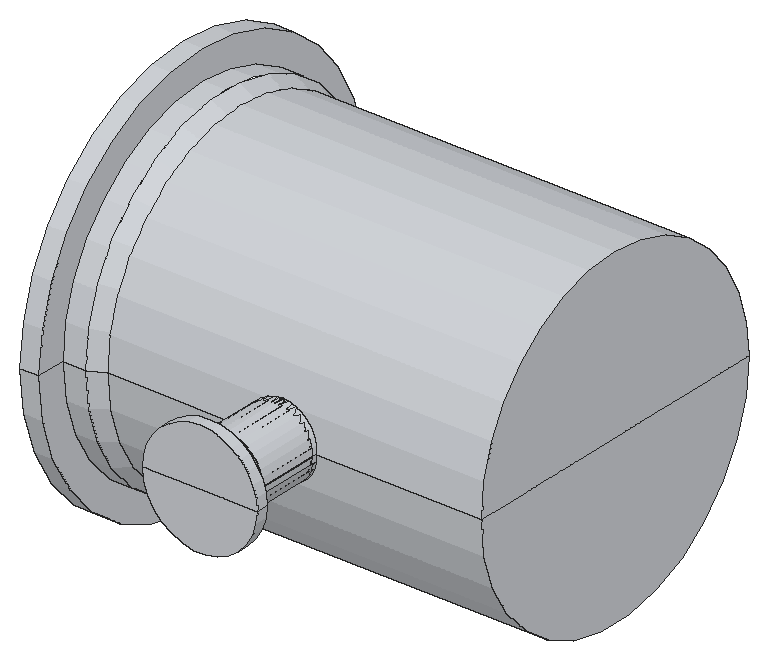
Revit family "b64532d9a0244ac589724a7e8e27e204", category Pipe Fittings, Revit 2021
Family settings
  Round Connector Dimension = Use Radius
  Part Type = Tee
  OmniClass Number = 23.60.30.11.14
  OmniClass Title = Pipework Fittings
  Seek Item ID = Tee - PVC - Sch 40-0000-USA-ENU
  Work Plane-Based = No
  Always vertical = Yes
  Cut with Voids When Loaded = No
  Shared = No
Parameters (values of type "Standard")
  Visibility 1 [instance] = Angle = 90.00°  # yes
  Tick Size 2 [instance] = Fitting Outside Diameter 2 * 0.4  # 2.7760"
  Tick Size 1 [instance] = Fitting Outside Diameter 1 * 0.4  # 12.8000"
  Socket Outside Radius 2 [instance] = Socket Outside Diameter 2 / 2  # 3.8050"
  Socket Outside Radius 1 [instance] = Socket Outside Diameter 1 / 2  # 16.7500"
  Socket Outside Diameter 1 [instance] = size_lookup(Lookup Table Name, "SOD", 1.08 * Nominal Diameter 1 + 1.1300", Nominal Diameter 1)  # 33.5000"
  Socket Outside Diameter 2 [instance] = size_lookup(Lookup Table Name, "SOD", 1.08 * Nominal Diameter 2 + 1.1300", Nominal Diameter 2)  # 7.6100"
  Socket Depth 2 [instance] = if(Nominal Diameter 2 < 14.0000", 2.5000", if(Nominal Diameter 2 < 30.0000", 3.5000", 4.0000"))  # 2.5000"
  Socket Depth 1 [instance] = if(Nominal Diameter 1 < 14.0000", 2.5000", if(Nominal Diameter 1 < 30.0000", 3.5000", 4.0000"))  # 4.0000"
  Nominal Radius 2 [instance] = 3.0000"
  Nominal Diameter 2 [instance] = Nominal Radius 2 * 2  # 6.0000"
  Lookup Table Name = "Tee Reducing - MJ x PE - DI - Class 250"
  Length 1 [instance] = Socket Depth 2 + Bevel Length 2  # 3.1700"
  Fitting Outside Radius 2 [instance] = Fitting Outside Diameter 2 / 2  # 3.4700"
  Fitting Outside Radius 1 [instance] = Fitting Outside Diameter 1 / 2  # 16.0000"
  Fitting Outside Diameter 2 [instance] = size_lookup(Lookup Table Name, "FOD", 1.04 * Nominal Diameter 2 + 0.7000", Nominal Diameter 2)  # 6.9400"
  Fitting Outside Diameter 1 [instance] = size_lookup(Lookup Table Name, "FOD", 1.04 * Nominal Diameter 1 + 0.7000", Nominal Diameter 1)  # 32.0000"
  Nominal Radius 1 [instance] = 15.0000"
  Nominal Diameter 1 [instance] = Nominal Radius 1 * 2  # 30.0000"
  Loss Method = K Coefficient from Table
  K Coefficient Table = "Tee"
  Default Elevation = 0.0000"
  Bevel Length 2 [instance] = size_lookup(Lookup Table Name, "BvLgt", 0.04 * Nominal Diameter 2 + 0.4300", Nominal Diameter 2)  # 0.6700"
  Bevel Length 1 [instance] = size_lookup(Lookup Table Name, "BvLgt", 0.04 * Nominal Diameter 1 + 0.4300", Nominal Diameter 1)  # 1.5000"
  Center to Socket Bottom 3 Label [instance] = if(Center Radius > Center to Socket Bottom 3, Center Radius + 7.0000", Center to Socket Bottom 3)  # 19.3700"
  Center to Socket Bottom 3 [instance] = size_lookup(Lookup Table Name, "CtSB3", 0.52 * Nominal Diameter 1 + 4.9600", Nominal Diameter 1, Nominal Diameter 2)  # 19.3700"
  Center to Socket Bottom 2 [instance] = size_lookup(Lookup Table Name, "CtSB2", 5.3800" + 0.57 * Nominal Diameter 1 + 0.04 * Nominal Diameter 2, Nominal Diameter 1, Nominal Diameter 2)  # 23.0000"
  Center to Socket Bottom 1 [instance] = size_lookup(Lookup Table Name, "CtSB1", 4.1700" + 0.34 * Nominal Diameter 1 + 0.31 * Nominal Diameter 2, Nominal Diameter 1, Nominal Diameter 2)  # 18.0000"
  Center to End 3 Label [instance] = if((Center to End 2 - Gland Width 2) * tan(Angle 1 / 2) > Gland Outside Radius 1, Center to Socket Bottom 3 Label, Gland Outside Radius 1 / tan(Angle 1 / 2) + Gland Width 2)  # 19.3700"
  Center to End 2 Label [instance] = if((Center to End 2 - Gland Width 2) * tan(Angle 1 / 2) > Gland Outside Radius 1, Center to End 2, Gland Outside Radius 1 / tan(Angle 1 / 2) + Gland Width 2)  # 25.5000"
  Center to End 2 [instance] = Center to Socket Bottom 2 + Socket Depth 2  # 25.5000"
  Center to End 1 Label [instance] = if((Center to End 2 - Gland Width 2) * tan(Angle 1 / 2) > Gland Outside Radius 1, Center to End 1, Gland Outside Radius 1 / tan(Angle 1 / 2) + Gland Width 2)  # 22.0000"
  Center to End 1 [instance] = Center to Socket Bottom 1 + Socket Depth 1  # 22.0000"
  Center Radius Label [instance] = if(Center to Socket Bottom 2 - Center Radius - Bevel Length 2 < 0.5000", Center to Socket Bottom 2 - Bevel Length 2 - 0.5000", Center Radius)  # 16.5000"
  Center Radius [instance] = size_lookup(Lookup Table Name, "CRad", 4.4800" + 0.3 * Nominal Diameter 1 + 0.33 * Nominal Diameter 2, Nominal Diameter 1, Nominal Diameter 2)  # 16.5000"
  Gland Width 2 [instance] = size_lookup(Lookup Table Name, "GWid", 0.03 * Nominal Diameter 2 + 0.9400", Nominal Diameter 2)  # 1.1200"
  Gland Width 1 [instance] = size_lookup(Lookup Table Name, "GWid", 0.03 * Nominal Diameter 1 + 0.9400", Nominal Diameter 1)  # 1.8100"
  Gland Outside Radius 2 [instance] = Gland Outside Diameter 2 / 2  # 5.4950"
  Gland Outside Radius 1 [instance] = Gland Outside Diameter 1 / 2  # 19.5600"
  Gland Outside Diameter 2 [instance] = size_lookup(Lookup Table Name, "GOD", 1.16 * Nominal Diameter 2 + 4.0300", Nominal Diameter 2)  # 10.9900"
  Gland Outside Diameter 1 [instance] = size_lookup(Lookup Table Name, "GOD", 1.16 * Nominal Diameter 1 + 4.0300", Nominal Diameter 1)  # 39.1200"
  Angle 1 [instance] = if(Angle > 90.00°, 180.00° - Angle, Angle)  # 90.00°
  Angle [instance] = 90.00°
Reference planes (in)
  plane 1 "Center (Front/Back)": y = 0
  plane 2: z = 0
  plane 3 "Center (Left/Right)": x = 0
  plane 4: y = -23
  plane 5: y = 19.56
  plane 6: y = 16.75
  plane 7: y = 16
  plane 8: x = -22
  plane 9: x = -20.19
  plane 10: x = -16.5
  plane 11: x = -18
  plane 12: x = 19.37
  plane 13: y = -22.33
  plane 14: y = -16.5
  plane 15: x = -16.5
  plane 16: x = 16.5
  plane 17: z = 3.47
  plane 18: z = -3.47
  plane 19: y = 12.8
  plane 20: y = -12.8
Forms (in)
  Revolve 1, solid, detail levels fine
    sketch origin (0, 0, 0) x (1, 0, 0) y (0, 1, 0)
      loop
        line (-22, 0) -> (19.37, 0) -> (19.37, 16) -> (-16.5, 16) -> (-18, 16.75) -> (-20.19, 16.75) -> (-20.19, 19.56) -> (-22, 19.56) -> (-22, 0)
      axis (-22, 0) -> (19.37, 0)
    angle from 0 to 360
  Sweep 2, solid, visible <- "Visibility 1", detail levels fine
    path origin (0, 0, 0) x (1, 0, 0) y (0, 1, 0)
      loop
        arc (-16.5, 0) -> (-4.83274, -4.83274) -> (0, -16.5) r 16.5
        line (0, -16.5) -> (0, -22.33)
    profile origin (0, -16.5, 0) x (1, 0, 0) y (0, 0, 1)
      loop
        circle (0, 0) r 3.47
  Sweep 3, solid, visible <- "Visibility 1", detail levels fine
    path origin (0, 0, 0) x (-1, 0, 0) y (0, 1, 0)
      loop
        arc (-16.5, 0) -> (-4.83274, -4.83274) -> (0, -16.5) r 16.5
        line (0, -16.5) -> (0, -22.33)
    profile origin (0, -16.5, 0) x (1, 0, 0) y (0, 0, 1)
      loop
        circle (0, 0) r 3.47
  Extrusion 4, solid, visible <- "Visibility 1", detail levels fine
    sketch origin (0, 0, 0) x (1, 0, 0) y (0, 1, 0)
      loop
        arc (-16.5, 0) -> (-4.83274, -4.83274) -> (0, -16.5) r 16.5
        arc (0, -16.5) -> (4.83274, -4.83274) -> (16.5, 0) r 16.5
        line (16.5, 0) -> (-16.5, 0)
    from -3.47 to 3.47
  Revolve 5, solid, detail levels fine
    sketch origin (0, 0, 0) x (0, -1, 0) y (1, 0, 0)
      loop
        line (25.5, 0) -> (0, 0) -> (0, -3.47) -> (22.33, -3.47) -> (23, -3.805) -> (24.38, -3.805) -> (24.38, -5.495) -> (25.5, -5.495) -> (25.5, 0)
      axis (0, 0) -> (25.5, 0)
    angle from 0 to 360
Cuts and joins
  joined: Revolve 1, Revolve 5
Lines and regions (in)
  model lines, detail levels coarse+medium
    curve 1: line (-22, 12.8, 0) -> (-22, -12.8, 0)
    curve 2: line (19.37, 12.8, 0) -> (19.37, -12.8, 0)
    curve 5: line (-2.776, -25.5, 0) -> (2.776, -25.5, 0)
  model lines, style "PipeFitting", detail levels coarse+medium
    curve 3: line (-22, 0, 0) -> (19.37, 0, 0)
    curve 6: line (0, 0, 0) -> (0, -25.5, 0)
  reference lines, not visible
    curve 4: line (0, 0, 0) -> (0, -25.5, 0)
Dimensions and locks (in)
  "Center to Socket Bottom 2": plane 4 to plane 1 "Center (Front/Back)"
  "Fitting Outside Radius 1": plane 7 to plane 1 "Center (Front/Back)"
  "Socket Outside Radius 1": plane 6 to plane 1 "Center (Front/Back)"
  "Gland Outside Radius 1": plane 5 to plane 1 "Center (Front/Back)"
  "Gland Width 1": plane 8 to plane 9
  "Socket Depth 1": plane 8 to plane 11
  "Bevel Length 1": plane 11 to plane 10
  "Bevel Length 2": plane 13 to plane 4
  "Center Radius Label": plane 1 "Center (Front/Back)" to plane 14
  "Center Radius Label": plane 15 to plane 3 "Center (Left/Right)"
  "Center Radius Label": plane 3 "Center (Left/Right)" to plane 16
  "Fitting Outside Radius 2": plane 17 to plane 2
  "Fitting Outside Radius 2": plane 18 to level
  "Tick Size 1": plane 1 "Center (Front/Back)" to plane 20
  "Tick Size 1": plane 19 to plane 1 "Center (Front/Back)"
  "Center to End 3 Label": plane 3 "Center (Left/Right)" to plane 12
  "Center to End 1 Label": plane 8 to plane 3 "Center (Left/Right)"
  "Center to End 2 Label": curve 4 to curve 4
  "Center to End 2 Label": Revolve 5 sketch curve to Revolve 5 sketch curve
  "Fitting Outside Radius 2": Revolve 5 sketch curve to Revolve 5 sketch curve
  "Gland Width 2": Revolve 5 sketch curve to Revolve 5 sketch curve
  "Socket Depth 2": Revolve 5 sketch curve to Revolve 5 sketch curve
  "Gland Outside Radius 2": Revolve 5 sketch curve to Revolve 5 sketch curve
  "Socket Outside Radius 2": Revolve 5 sketch curve to Revolve 5 sketch curve
  "Length 1": Revolve 5 sketch curve to Revolve 5 sketch curve
  "Tick Size 2": curve 5 to curve 4
  "Tick Size 2": curve 4 to curve 5
  "Center to End 2 Label": curve 6 to curve 6
  "Center Radius Label": radius of Sweep 2 sketch curve
  "Fitting Outside Radius 2": radius of Sweep 2 sketch curve
  "Center Radius Label": radius of Sweep 3 sketch curve
  "Fitting Outside Radius 2": radius of Sweep 3 sketch curve
  "Center Radius Label": radius of Extrusion 4 sketch curve  (x2)
  "Angle": angle curve 4 to plane 1 "Center (Front/Back)"
  "Angle": angle Revolve 5 sketch curve to plane 1 "Center (Front/Back)"
  locked: curve 4 to curve 5 (angle 90.00°)
  "Angle": angle curve 6 to plane 1 "Center (Front/Back)"
  aligned and locked: plane 1 "Center (Front/Back)" to Revolve 1 sketch curve
  aligned and locked: plane 8 to Revolve 1 sketch curve
  aligned and locked: Revolve 1 sketch curve to plane 5
  aligned and locked: Revolve 1 sketch curve to plane 7
  aligned and locked: Revolve 1 sketch curve to plane 6
  aligned and locked: plane 12 to Revolve 1 sketch curve
  aligned and locked: Revolve 1 sketch curve to plane 9
  aligned and locked: Revolve 1 sketch curve to Revolve 1 sketch curve
  aligned and locked: plane 11 to Revolve 1 sketch curve
  aligned and locked: plane 10 to Revolve 1 sketch curve
  aligned and locked: plane 14 to Sweep 2 sketch curve
  aligned and locked: plane 15 to Sweep 2 sketch curve
  aligned and locked: plane 16 to Sweep 3 sketch curve
  aligned and locked: plane 14 to Sweep 3 sketch curve
  aligned and locked: plane 15 to Extrusion 4 sketch curve  (x2)
  aligned and locked: plane 14 to Extrusion 4 sketch curve  (x3)
  aligned and locked: plane 16 to Extrusion 4 sketch curve  (x3)
  aligned and locked: plane 1 "Center (Front/Back)" to Extrusion 4 sketch curve  (x2)
  aligned and locked: plane 18 to Extrusion 4
  aligned and locked: plane 17 to Extrusion 4
  aligned and locked: plane 20 to curve 2
  aligned and locked: plane 19 to curve 2
  aligned and locked: plane 12 to curve 2
  aligned and locked: plane 20 to curve 1
  aligned and locked: plane 19 to curve 1
  aligned and locked: curve 1 to plane 8
  aligned and locked: plane 1 "Center (Front/Back)" to curve 3
  aligned and locked: plane 8 to curve 3
  aligned and locked: plane 12 to curve 3
  aligned and locked: plane 3 "Center (Left/Right)" to curve 4
  aligned and locked: plane 1 "Center (Front/Back)" to curve 4
  aligned and locked: plane 3 "Center (Left/Right)" to Revolve 5 sketch curve
  aligned and locked: plane 1 "Center (Front/Back)" to Revolve 5 sketch curve
  aligned and locked: Revolve 5 sketch curve to Revolve 5 sketch curve  (x3)
  aligned and locked: plane 13 to Sweep 2 sketch curve
  aligned and locked: plane 13 to Sweep 3 sketch curve
  aligned and locked: curve 5 to curve 4
  aligned and locked: plane 3 "Center (Left/Right)" to curve 6
Automatic sketch dimensions
  Revolve 1 sketch curve to plane 8 = 1.01143"
  Revolve 1 sketch curve to plane 12 = 1.76143"
  Sweep 2 sketch curve to level = 0.0000"
  profile plane to Sweep 2 sketch curve = 0.0000"
  Sweep 3 sketch curve to level = 0.0000"
  profile plane to Sweep 3 sketch curve = 0.0000"
  Extrusion 4 sketch curve to plane 15 = 0.0000"
Connectors (in)
  piping at (-22, 0, 0), diameter 30, driven by "Nominal Radius 1"
    settings: on Revolve 1, index 1, connector inside diameter 30.0000", connector length 0.0000", flow factor 0, pipe flow 0 GPM, pressure drop 0.00 psi, fitting loss kfactor 0, connector angle 0.00°, fixture units 0, engagement length 0.0000", angle of deflection 0.00°, flow configuration 0, flow direction 0, fitting loss method 0, system type 28, joint type 0, gender type 0, connector reference index 2, connector utility 0, adjustable connector no, is connector primary yes, connector description ""
  piping at (19.37, 0, 0), diameter 30, driven by "Nominal Radius 1"
    settings: on cut or joined group of Revolve 1, Revolve 5, index 2, connector inside diameter 30.0000", connector length 0.0000", flow factor 0, pipe flow 0 GPM, pressure drop 0.00 psi, fitting loss kfactor 0, connector angle 0.00°, fixture units 0, engagement length 0.0000", angle of deflection 0.00°, flow configuration 0, flow direction 0, fitting loss method 0, system type 28, joint type 0, gender type 0, connector reference index 1, connector utility 0, adjustable connector no, is connector primary no, connector description ""
  piping at (0, -25.5, 0), diameter 6, driven by "Nominal Radius 2", driven by "Angle"
    settings: on cut or joined group of Revolve 1, Revolve 5, index 3, connector inside diameter 6.0000", connector length 0.0000", flow factor 0, pipe flow 0 GPM, pressure drop 0.00 psi, fitting loss kfactor 0, connector angle 90.00°, fixture units 0, engagement length 0.0000", angle of deflection 0.00°, flow configuration 0, flow direction 0, fitting loss method 0, system type 28, joint type 0, gender type 0, connector reference index -1, connector utility 0, adjustable connector no, is connector primary no, connector description ""
